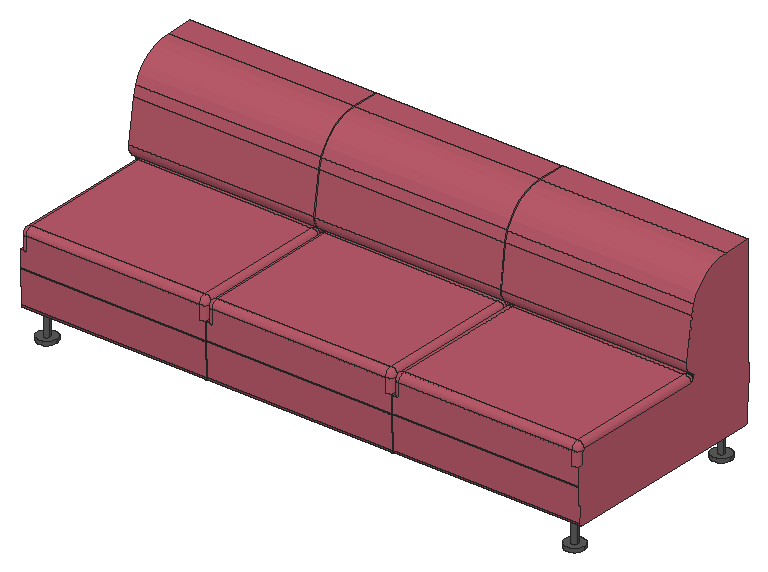
Revit family "Haworth_Gambetta_Sofas_Armless", category Furniture, Revit 2018
Family settings
  OmniClass Number = 23.40.70.14.64.21
  OmniClass Title = Systems Furniture
  Work Plane-Based = No
  Always vertical = Yes
  Cut with Voids When Loaded = No
  Shared = No
  Room Calculation Point = No
Parameters (values of type "HCCE-GBL3 - Three Seats Sofa without Arm")
  Warranty = "http://www.haworth.com/resources/product-info/warranties"
  Upholstery Finish [instance] = Haworth _ Leather _ PF Color System _ Carminio 70-128
  URL - Product = "https://www.haworth.com/products/seating/lounge-sofas-benches/gambetta"
  URL = "http://www.haworth.com/our-brands/haworth-collection"
  Two Seats = no
  Three Seats = not(Two Seats)  # yes
  Size = "Verify Final Dim. w/ Haworth"  # constant formula
  Revision Number = "1"  # constant formula
  Model = "HCCE-GBL"  # constant formula
  Manufacturer = "Haworth"  # constant formula
  Leg Offset = 2 1/4"  # constant formula
  Description = "Haworth Gambetta Three Seats Sofa without Arm"
  Cushion Width = 27 1/2"  # constant formula
  Base Finish = Haworth _ Paint _ Collection Black
  Author = "Haworth (Alias)"  # constant formula
  Assembly Code = "E2020200"
  Actual Width = if(Two Seats, 55", 82 3/4")  # 82 3/4"
  Actual Height = 28 3/4"  # constant formula
  Actual Depth = 31 1/2"  # constant formula
Types (2): name | Two Seats | Three Seats | Description | Actual Width
  HCCE-GBL2 - Two Seats Sofa without Arm | yes | no | "Haworth Gambetta Two Seats Sofa without Arm" | 55"
  HCCE-GBL3 - Three Seats Sofa without Arm | no | yes | "Haworth Gambetta Three Seats Sofa without Arm" | 82 3/4"
Reference planes
  plane 1 "Bench Center F/B": y = 42.118
  plane 2: z = 0
  plane 3 "Seat 1 Right": x = 726.045
  plane 4 "Bench Back": y = 442.168
  plane 5 "Cushion Top": z = 384.708
  plane 6 "Back Top": z = 730.25
  plane 7 "Right End": x = 2127.279
  plane 8 "ArmLeft End": x = 25.429
  plane 9 "Bench Front": y = -357.932
  plane 10 "Left Leg": x = 82.579
  plane 11 "Front Arm": y = -303.113
  plane 12 "Back Arm": y = 387.35
  plane 13 "Seat 2 Right": x = 1426.662
  plane 14 "Right Leg": x = 2070.129
  plane 15 "Top of Stamp": z = 13.013
  plane 16 "Top Base": z = 107.141
Forms (mm)
  Extrusion 1, solid, material "Haworth _ Paint _ Collection Black" <- "Base Finish"
    sketch origin (0, 0, 0) x (1, 0, 0) y (0, 1, 0)
      loop
        circle (2070.129, -303.113) r 10.527
    from 13.013 to 107.141
  Extrusion 2, solid, material "Haworth _ Paint _ Collection Black" <- "Base Finish"
    sketch origin (0, 0, 0) x (1, 0, 0) y (0, 1, 0)
      loop
        circle (2070.129, -303.113) r 36.19
    from 0 to 13.013
  Extrusion 3, solid, material "Haworth _ Paint _ Collection Black" <- "Base Finish"
    sketch origin (0, 690.463, 0) x (1, 0, 0) y (0, 1, 0)
      loop
        circle (2070.129, -303.113) r 10.527
    from 13.013 to 107.141
  Extrusion 4, solid, material "Haworth _ Paint _ Collection Black" <- "Base Finish"
    sketch origin (0, 690.463, 0) x (1, 0, 0) y (0, 1, 0)
      loop
        circle (2070.129, -303.113) r 36.19
    from 0 to 13.013
  Extrusion 5, solid, material "Haworth _ Paint _ Collection Black" <- "Base Finish"
    sketch origin (-1987.55, 690.463, 0) x (1, 0, 0) y (0, 1, 0)
      loop
        circle (2070.129, -303.113) r 10.527
    from 13.013 to 107.141
  Extrusion 6, solid, material "Haworth _ Paint _ Collection Black" <- "Base Finish"
    sketch origin (-1987.55, 690.463, 0) x (1, 0, 0) y (0, 1, 0)
      loop
        circle (2070.129, -303.113) r 36.19
    from 0 to 13.013
  Extrusion 7, solid, material "Haworth _ Paint _ Collection Black" <- "Base Finish"
    sketch origin (-1987.55, 0, 0) x (1, 0, 0) y (0, 1, 0)
      loop
        circle (2070.129, -303.113) r 10.527
    from 13.013 to 107.141
  Extrusion 8, solid, material "Haworth _ Paint _ Collection Black" <- "Base Finish"
    sketch origin (-1987.55, 0, 0) x (1, 0, 0) y (0, 1, 0)
      loop
        circle (2070.129, -303.113) r 36.19
    from 0 to 13.013
Dimensions and locks
  equal spacing: plane 4 "Bench Back", plane 1 "Bench Center F/B", plane 9 "Bench Front"
  "Actual Depth": plane 4 "Bench Back" to plane 9 "Bench Front"
  "Leg Offset": plane 8 "ArmLeft End" to plane 10 "Left Leg"
  "Actual Height": plane 6 "Back Top" to level
  equal spacing: plane 8 "ArmLeft End", plane 3 "Seat 1 Right", plane 13 "Seat 2 Right", plane 7 "Right End"
  "Actual Width": plane 8 "ArmLeft End" to plane 7 "Right End"
  plane 8 "ArmLeft End" to plane 13 "Seat 2 Right" = 55.16667"
  "Leg Offset": plane 14 "Right Leg" to plane 7 "Right End"
  locked: plane 16 "Top Base" to plane 2 at 107.141
  aligned and locked: plane 7 "Right End" to nested 1
  aligned and locked: nested 2 to plane 4 "Bench Back"
  aligned and locked: plane 4 "Bench Back" to nested 1
  aligned and locked: nested 2 to plane 8 "ArmLeft End"
  aligned and locked: plane 4 "Bench Back" to nested 3
  aligned and locked: Extrusion 2 to level
  aligned and locked: plane 11 "Front Arm" to Extrusion 2 sketch curve
  aligned and locked: plane 14 "Right Leg" to Extrusion 2 sketch curve
  aligned and locked: plane 11 "Front Arm" to Extrusion 1 sketch curve
  aligned and locked: plane 14 "Right Leg" to Extrusion 1 sketch curve
  aligned and locked: plane 12 "Back Arm" to Extrusion 3 sketch curve
  aligned and locked: plane 14 "Right Leg" to Extrusion 3 sketch curve
  aligned and locked: plane 12 "Back Arm" to Extrusion 4 sketch curve
  aligned and locked: plane 14 "Right Leg" to Extrusion 4 sketch curve
  aligned and locked: plane 11 "Front Arm" to Extrusion 8 sketch curve
  aligned and locked: plane 10 "Left Leg" to Extrusion 8 sketch curve
  aligned and locked: plane 10 "Left Leg" to Extrusion 7 sketch curve
  aligned and locked: plane 11 "Front Arm" to Extrusion 7 sketch curve
  aligned and locked: plane 12 "Back Arm" to Extrusion 6 sketch curve
  aligned and locked: plane 10 "Left Leg" to Extrusion 6 sketch curve
  aligned and locked: plane 12 "Back Arm" to Extrusion 5 sketch curve
  aligned and locked: plane 10 "Left Leg" to Extrusion 5 sketch curve
  aligned and locked: plane 15 "Top of Stamp" to Extrusion 8
  aligned and locked: Extrusion 8 to plane 2
  aligned and locked: Extrusion 7 to plane 15 "Top of Stamp"
  aligned and locked: plane 16 "Top Base" to Extrusion 7
  aligned and locked: plane 16 "Top Base" to Extrusion 1
  aligned and locked: Extrusion 1 to plane 15 "Top of Stamp"
  aligned and locked: plane 15 "Top of Stamp" to Extrusion 2
  aligned and locked: Extrusion 4 to level
  aligned and locked: plane 15 "Top of Stamp" to Extrusion 4
  aligned and locked: plane 16 "Top Base" to Extrusion 3
  aligned and locked: Extrusion 3 to plane 15 "Top of Stamp"
  aligned and locked: Extrusion 5 to plane 15 "Top of Stamp"
  aligned and locked: plane 16 "Top Base" to Extrusion 5
  aligned and locked: Extrusion 6 to plane 2
  aligned and locked: plane 15 "Top of Stamp" to Extrusion 6
  aligned and locked: nested 2 to plane 2
  aligned and locked: nested 3 to plane 2
  aligned and locked: nested 1 to plane 2
Automatic sketch dimensions
  radius of Extrusion 1 sketch curve = 0.41443"
  radius of Extrusion 2 sketch curve = 1.4248"
  radius of Extrusion 3 sketch curve = 0.41443"
  radius of Extrusion 4 sketch curve = 1.4248"
  radius of Extrusion 5 sketch curve = 0.41443"
  radius of Extrusion 6 sketch curve = 1.4248"
  radius of Extrusion 7 sketch curve = 0.41443"
  radius of Extrusion 8 sketch curve = 1.4248"
Nested families
  nested 1: "Haworth_Gambetta-Seating-Cushion-Part NEW" at (1428.779, -2.332, 0), visible <- "Three Seats", type "Back"
  nested 2: "Haworth_Gambetta-Seating-Cushion-Part NEW" at (723.929, -2.332, 0) x (-1, 0, 0) z (0, 0, 1), type "Back"
  nested 3: "Haworth_Gambetta-Seating-Cushion-Part NEW" at (726.045, -2.332, 0), type "Back"
Definition of nested family "Haworth_Gambetta-Seating-Cushion-Part NEW"
  Parameters (values of type "Back")
    URL = "http://haworthcollection.com/"
    Size = "Verify Final Dim. w/ Haworth"  # constant formula
    Revision Number = "1"  # constant formula
    Model = "Haworth_Gambetta_Seating_Cushion_Part"  # constant formula
    Manufacturer = "Haworth"  # constant formula
    Description = "Haworth Gambetta Seating Cushion Part"
    Cushion Finish = none
    Author = "Haworth (Alias)"  # constant formula
    Assembly Code = "E2020200"
    Actual Width = 27 1/2"
  Reference planes
    plane 1: z = 0
    plane 2 "Left": x = 0
    plane 3 "Right": x = 698.5
    plane 4 "Back": y = 444.5
    plane 5 "Slab Top": z = 270.408
    plane 6 "Center (L/R)": x = 349.25
    plane 7 "Backseat Line": y = 165.1
    plane 8 "Front Seat": y = -355.6
    plane 9 "Front": y = -355.6
    plane 10 "Back Top": z = 730.25
    plane 11 "Cushion Base": z = 107.141
    plane 12 "Sweep Left": x = 5.159
    plane 13 "Sweep Right": x = 693.341
  Forms (mm)
    Extrusion 1, solid, material <- "Cushion Finish"
      sketch origin (-406.4, 0, 0) x (0, 1, 0) y (0, 0, -1)
        loop
          line (444.5, -730.25) -> (444.5, -384.708) -> (444.5, -244.84)
          arc (444.5, -244.84) -> (444.498, -243.482) -> (444.494, -242.125) r 609.6
          arc (444.494, -242.125) -> (443.046, -180.357) -> (439.255, -118.689) r 1627.46
          arc (439.255, -118.689) -> (435.17, -110.462) -> (426.607, -107.141) r 12.7
          line (426.607, -107.141) -> (-337.707, -107.141)
          arc (-337.707, -107.141) -> (-346.27, -110.462) -> (-350.355, -118.689) r 12.7
          arc (-350.355, -118.689) -> (-354.146, -180.357) -> (-355.594, -242.125) r 1627.46
          arc (-355.594, -242.125) -> (-355.598, -243.482) -> (-355.6, -244.84) r 609.6
          line (-355.6, -244.84) -> (-355.6, -359.286)
          arc (-355.6, -359.286) -> (-348.161, -377.247) -> (-330.2, -384.686) r 25.4
          line (-330.2, -384.686) -> (173.56, -384.686)
          arc (173.56, -384.686) -> (185.849, -383.177) -> (197.409, -378.74) r 50.8
          line (197.409, -378.74) -> (200.717, -376.981) -> (177.773, -391.833)
          arc (177.773, -391.833) -> (160.185, -411.684) -> (155.371, -437.766) r 49.492
          arc (155.371, -437.766) -> (164.055, -513.494) -> (176.581, -588.682) r 1497.929
          arc (176.581, -588.682) -> (181.169, -607.572) -> (187.537, -625.939) r 203.615
          arc (187.537, -625.939) -> (248.678, -701.724) -> (341.779, -730.25) r 166.191
          line (341.779, -730.25) -> (444.5, -730.25)
      from -1104.9 to -406.4
    Sweep 2, void
      path in 3D
        loop
          line (0, -330.2, 384.686) -> (0, 173.56, 384.686)
          arc (0, 173.56, 384.686) -> (0, 183.176, 383.768) -> (0, 192.444, 381.046) r 50.8
      profile origin (0, -78.32, 384.686) x (-1, 0, 0) y (0, 0, 1)
        loop
          line (-29.477, 0.458) -> (-18.592, 0.458)
          arc (-18.592, 0.458) -> (-5.122, -5.122) -> (0.458, -18.592) r 19.05
          line (0.458, -18.592) -> (0.458, -29.477) -> (1.973, -29.477) -> (1.973, 1.299) -> (-29.477, 1.299) -> (-29.477, 0.458)
    Sweep 3, void
      path origin (5.159, 0, 0) x (0, 1, 0) y (0, 0, 1)
        loop
          line (-350.441, 308.486) -> (-350.441, 359.286)
          arc (-350.441, 359.286) -> (-344.512, 373.599) -> (-330.2, 379.527) r 20.241
          line (-330.2, 379.527) -> (173.56, 379.527)
          arc (173.56, 379.527) -> (180.691, 378.966) -> (187.648, 377.298) r 45.641
      profile origin (5.159, -78.32, 379.527) x (0, 0, 1) y (1, 0, 0)
        loop
          arc (5.159, 17.701) -> (-1.536, 1.536) -> (-17.701, -5.159) r 22.86
          line (-17.701, -5.159) -> (-19.489, -5.159) -> (-19.489, -6.826) -> (6.766, -6.826) -> (6.766, 24.283) -> (5.159, 24.283) -> (5.159, 17.701)
    Sweep 4, void
      path origin (693.341, 0, 0) x (0, -1, 0) y (0, 0, 1)
        loop
          line (350.441, 308.486) -> (350.441, 359.286)
          arc (350.441, 359.286) -> (344.512, 373.599) -> (330.2, 379.527) r 20.241
          line (330.2, 379.527) -> (-173.56, 379.527)
          arc (-173.56, 379.527) -> (-180.691, 378.966) -> (-187.648, 377.298) r 45.641
      profile origin (693.341, -78.32, 379.527) x (0, 0, -1) y (-1, 0, 0)
        loop
          line (-5.159, 17.701) -> (-5.159, 24.283) -> (-6.766, 24.283) -> (-6.766, -6.826) -> (19.489, -6.826) -> (19.489, -5.159) -> (17.701, -5.159)
          arc (17.701, -5.159) -> (1.536, 1.536) -> (-5.159, 17.701) r 22.86
  Cuts and joins
    Sweep 2, Sweep 3, Sweep 4 cuts Extrusion 1
  Lines and regions (mm)
    Masking region 1
      outline origin (0, 0, 0) x (1, 0, 0) y (0, 1, 0)
        loop
          line (0, 444.5) -> (0, -355.6) -> (698.5, -355.6) -> (698.5, 444.5) -> (0, 444.5)
    symbolic lines
      curve 1: line (0, 165.1, 0) -> (698.5, 165.1, 0)
    sketch lines
      curve 2: line (0, -330.2, 384.686) -> (0, 173.56, 384.686)
      curve 3: arc (0, 192.444, 381.046) -> (0, 183.176, 383.768) -> (0, 173.56, 384.686) r 50.8
  Dimensions and locks
    "Actual Width": plane 2 "Left" to plane 3 "Right"
    equal spacing: plane 2 "Left", plane 6 "Center (L/R)", plane 3 "Right"
    plane 4 "Back" to plane 9 "Front" = 31 1/2"
    locked: plane 2 "Left" to plane 12 "Sweep Left" at 5.159
    locked: plane 13 "Sweep Right" to plane 3 "Right" at 5.159
    locked: Sweep 3 sketch curve to plane 5 "Slab Top" at 109.119
    locked: Sweep 3 sketch curve to plane 9 "Front" at 5.159
    locked: Sweep 3 sketch curve to plane 5 "Slab Top" at 115.885
    locked: plane 12 "Sweep Left" to Sweep 3 sketch curve at 6.826
    locked: Sweep 4 sketch curve to plane 11 "Cushion Base" at 272.386
    locked: Sweep 4 sketch curve to plane 9 "Front" at 5.159
    locked: Sweep 4 sketch curve to plane 3 "Right" at 1.666
    locked: Sweep 4 sketch curve to plane 11 "Cushion Base" at 279.152
    aligned and locked: plane 3 "Right" to Extrusion 1
    aligned and locked: Extrusion 1 to plane 2 "Left"
    aligned and locked: Masking region 1 sketch curve to plane 3 "Right"
    aligned and locked: Masking region 1 sketch curve to plane 4 "Back"
    aligned and locked: Masking region 1 sketch curve to plane 8 "Front Seat"
    aligned and locked: curve 1 to plane 7 "Backseat Line"
  Automatic sketch dimensions
    curve 1 to plane 2 "Left" = 0"
    curve 1 to plane 3 "Right" = 0"
    Extrusion 1 sketch curve to plane 9 "Front" = 0"
    Extrusion 1 sketch curve to plane 11 "Cushion Base" = 0"
    Extrusion 1 sketch curve to plane 10 "Back Top" = 0"
    Extrusion 1 sketch curve to plane 4 "Back" = 0"
    plane 5 "Slab Top" to Extrusion 1 sketch curve = 0.82819"  (x2)
    Extrusion 1 sketch curve to plane 9 "Front" = 32.57283"
    plane 9 "Front" to Extrusion 1 sketch curve = 0.70445"
    plane 9 "Front" to Extrusion 1 sketch curve = 1"
    plane 5 "Slab Top" to Extrusion 1 sketch curve = 1.00663"  (x2)
    plane 9 "Front" to Extrusion 1 sketch curve = 7 1/2"
    Extrusion 1 sketch curve to plane 7 "Backseat Line" = 0.33306"
    Extrusion 1 sketch curve to Extrusion 1 sketch curve = 0.16589"
    Extrusion 1 sketch curve to Extrusion 1 sketch curve = 0.77305"
    Extrusion 1 sketch curve to Extrusion 1 sketch curve = 0.13025"
    Extrusion 1 sketch curve to plane 7 "Backseat Line" = 1.55777"
    Extrusion 1 sketch curve to plane 7 "Backseat Line" = 3 1/2"
    Extrusion 1 sketch curve to Extrusion 1 sketch curve = 4.04414"
    Extrusion 1 sketch curve to Extrusion 1 sketch curve = 1.36742"
    plane 4 "Back" to Extrusion 1 sketch curve = 0.70445"
    Extrusion 1 sketch curve to plane 4 "Back" = 32.57283"
    Extrusion 1 sketch curve to plane 5 "Slab Top" = 1.36278"
    Extrusion 1 sketch curve to Extrusion 1 sketch curve = 14.7857"
    Extrusion 1 sketch curve to plane 11 "Cushion Base" = 1/2"  (x2)
    Extrusion 1 sketch curve to plane 5 "Slab Top" = 2.49916"
    Extrusion 1 sketch curve to plane 5 "Slab Top" = 3.49916"
    Extrusion 1 sketch curve to Extrusion 1 sketch curve = 0.06926"
    Extrusion 1 sketch curve to plane 5 "Slab Top" = 4 1/2"
    Extrusion 1 sketch curve to Extrusion 1 sketch curve = 0.28137"
    Extrusion 1 sketch curve to Extrusion 1 sketch curve = 1.63569"
    Extrusion 1 sketch curve to Extrusion 1 sketch curve = 6.51246"
    Extrusion 1 sketch curve to Extrusion 1 sketch curve = 0.5486"
    Extrusion 1 sketch curve to Extrusion 1 sketch curve = 0"  (x3)
    plane 4 "Back" to Extrusion 1 sketch curve = 0.20651"
    Masking region 1 sketch curve to plane 2 "Left" = 0"
    profile plane to Sweep 2 sketch curve = 0.01802"
    profile plane to Sweep 2 sketch curve = 1.16051"
    profile plane to Sweep 2 sketch curve = 0.73198"
    Sweep 2 sketch curve to profile plane = 0.01802"
    Sweep 2 sketch curve to Sweep 2 sketch curve = 0.05967"
    Sweep 2 sketch curve to Sweep 2 sketch curve = 0.42853"
    Sweep 2 sketch curve to Sweep 2 sketch curve = 0.03311"
    profile plane to Sweep 3 sketch curve = 0.7673"
    profile plane to Sweep 3 sketch curve = 0.69688"
    Sweep 3 sketch curve to profile plane = 13/64"
    Sweep 3 sketch curve to Sweep 3 sketch curve = 0.06561"
    Sweep 3 sketch curve to Sweep 3 sketch curve = 0.25916"
    Sweep 4 sketch curve to Sweep 4 sketch curve = 0.06325"
    Sweep 4 sketch curve to profile plane = 0.69688"
    Sweep 4 sketch curve to Sweep 4 sketch curve = 0.07042"
    Sweep 4 sketch curve to Sweep 4 sketch curve = 0.06561"
    Sweep 4 sketch curve to Sweep 4 sketch curve = 0.25916"
    Sweep 3 sketch curve to Sweep 3 sketch curve = 51/64"
    plane 7 "Backseat Line" to Sweep 3 sketch curve = 0.33306"
    plane 5 "Slab Top" to Sweep 3 sketch curve = 2.49916"
    Sweep 3 sketch curve to Sweep 3 sketch curve = 0.55464"
    plane 5 "Slab Top" to Sweep 3 sketch curve = 1.49916"
    plane 7 "Backseat Line" to Sweep 4 sketch curve = 0.33306"
    Sweep 4 sketch curve to plane 9 "Front" = 1"
    plane 5 "Slab Top" to Sweep 4 sketch curve = 2.49916"
    Sweep 4 sketch curve to Sweep 4 sketch curve = 0.55464"
    plane 5 "Slab Top" to Sweep 4 sketch curve = 1.49916"
